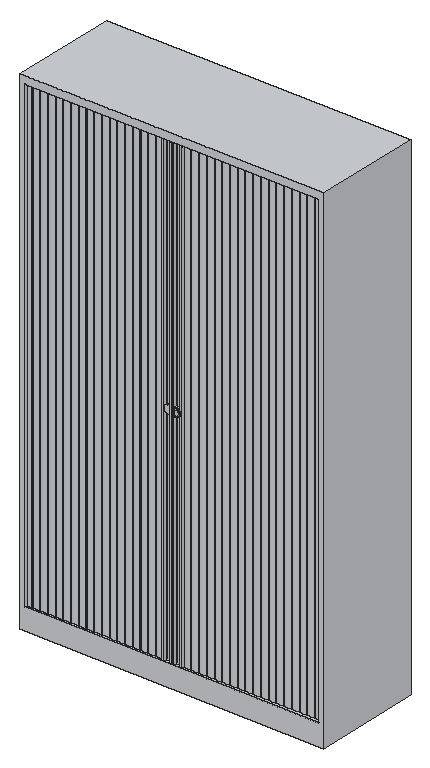
Revit family "EuroTambours_Double", category Furniture, Revit 2016 (continued)
Automatic sketch dimensions
  Extrusion 42 sketch curve to Extrusion 42 sketch curve = 95.662 mm
  Extrusion 43 sketch curve to Extrusion 43 sketch curve = 0.36 mm
  Extrusion 43 sketch curve to Extrusion 43 sketch curve = 1.234 mm
  Extrusion 43 sketch curve to Extrusion 43 sketch curve = 0.937 mm
  Extrusion 43 sketch curve to Extrusion 43 sketch curve = 0.94 mm
  Extrusion 43 sketch curve to Extrusion 43 sketch curve = 0.211 mm
  Extrusion 43 sketch curve to Extrusion 43 sketch curve = 6.209 mm
  Extrusion 43 sketch curve to Extrusion 43 sketch curve = 1.629 mm
  Extrusion 43 sketch curve to Extrusion 43 sketch curve = 12.741 mm
  Extrusion 43 sketch curve to Extrusion 43 sketch curve = 21.361 mm
  Extrusion 43 sketch curve to Extrusion 43 sketch curve = 6.113 mm
  Extrusion 43 sketch curve to Extrusion 43 sketch curve = 5.814 mm
  Extrusion 43 sketch curve to Extrusion 43 sketch curve = 2.107 mm
  Extrusion 43 sketch curve to Extrusion 43 sketch curve = 95.662 mm
  Extrusion 44 sketch curve to Extrusion 44 sketch curve = 0.36 mm
  Extrusion 44 sketch curve to Extrusion 44 sketch curve = 1.234 mm
  Extrusion 44 sketch curve to Extrusion 44 sketch curve = 0.937 mm
  Extrusion 44 sketch curve to Extrusion 44 sketch curve = 0.94 mm
  Extrusion 44 sketch curve to Extrusion 44 sketch curve = 0.211 mm
  Extrusion 44 sketch curve to Extrusion 44 sketch curve = 6.209 mm
  Extrusion 44 sketch curve to Extrusion 44 sketch curve = 1.629 mm
  Extrusion 44 sketch curve to Extrusion 44 sketch curve = 12.741 mm
  Extrusion 44 sketch curve to Extrusion 44 sketch curve = 21.361 mm
  Extrusion 44 sketch curve to Extrusion 44 sketch curve = 6.113 mm
  Extrusion 44 sketch curve to Extrusion 44 sketch curve = 5.814 mm
  Extrusion 44 sketch curve to Extrusion 44 sketch curve = 2.107 mm
  Extrusion 44 sketch curve to Extrusion 44 sketch curve = 95.662 mm
  Extrusion 45 sketch curve to Extrusion 45 sketch curve = 0.36 mm
  Extrusion 45 sketch curve to Extrusion 45 sketch curve = 1.234 mm
  Extrusion 45 sketch curve to Extrusion 45 sketch curve = 0.937 mm
  Extrusion 45 sketch curve to Extrusion 45 sketch curve = 0.94 mm
  Extrusion 45 sketch curve to Extrusion 45 sketch curve = 0.211 mm
  Extrusion 45 sketch curve to Extrusion 45 sketch curve = 6.209 mm
  Extrusion 45 sketch curve to Extrusion 45 sketch curve = 1.629 mm
  Extrusion 45 sketch curve to Extrusion 45 sketch curve = 12.741 mm
  Extrusion 45 sketch curve to Extrusion 45 sketch curve = 21.361 mm
  Extrusion 45 sketch curve to Extrusion 45 sketch curve = 6.113 mm
  Extrusion 45 sketch curve to Extrusion 45 sketch curve = 5.814 mm
  Extrusion 45 sketch curve to Extrusion 45 sketch curve = 2.107 mm
  Extrusion 45 sketch curve to Extrusion 45 sketch curve = 95.662 mm
  Extrusion 46 sketch curve to Extrusion 46 sketch curve = 0.36 mm
  Extrusion 46 sketch curve to Extrusion 46 sketch curve = 1.234 mm
  Extrusion 46 sketch curve to Extrusion 46 sketch curve = 0.937 mm
  Extrusion 46 sketch curve to Extrusion 46 sketch curve = 0.94 mm
  Extrusion 46 sketch curve to Extrusion 46 sketch curve = 0.211 mm
  Extrusion 46 sketch curve to Extrusion 46 sketch curve = 6.209 mm
  Extrusion 46 sketch curve to Extrusion 46 sketch curve = 1.629 mm
  Extrusion 46 sketch curve to Extrusion 46 sketch curve = 12.741 mm
  Extrusion 46 sketch curve to Extrusion 46 sketch curve = 21.361 mm
  Extrusion 46 sketch curve to Extrusion 46 sketch curve = 6.113 mm
  Extrusion 46 sketch curve to Extrusion 46 sketch curve = 5.814 mm
  Extrusion 46 sketch curve to Extrusion 46 sketch curve = 2.107 mm
  Extrusion 46 sketch curve to Extrusion 46 sketch curve = 95.662 mm
  Extrusion 47 sketch curve to Extrusion 47 sketch curve = 0.36 mm
  Extrusion 47 sketch curve to Extrusion 47 sketch curve = 1.234 mm
  Extrusion 47 sketch curve to Extrusion 47 sketch curve = 0.937 mm
  Extrusion 47 sketch curve to Extrusion 47 sketch curve = 0.94 mm
  Extrusion 47 sketch curve to Extrusion 47 sketch curve = 0.211 mm
  Extrusion 47 sketch curve to Extrusion 47 sketch curve = 6.209 mm
  Extrusion 47 sketch curve to Extrusion 47 sketch curve = 1.629 mm
  Extrusion 47 sketch curve to Extrusion 47 sketch curve = 12.741 mm
  Extrusion 47 sketch curve to Extrusion 47 sketch curve = 21.361 mm
  Extrusion 47 sketch curve to Extrusion 47 sketch curve = 6.113 mm
  Extrusion 47 sketch curve to Extrusion 47 sketch curve = 5.814 mm
  Extrusion 47 sketch curve to Extrusion 47 sketch curve = 2.107 mm
  Extrusion 47 sketch curve to Extrusion 47 sketch curve = 95.662 mm
  radius of Extrusion 4 sketch curve = 25 mm  (x4)
  radius of Extrusion 5 sketch curve = 10 mm  (x4)
  radius of Extrusion 17 sketch curve = 12.707 mm
  radius of Extrusion 18 sketch curve = 8.648 mm
Types (15, lengths in mm): name | Width | Tambour array | Start door height | Plinth height | Height | Doors height
  (no name) | 1200 | 18 | -5 | 85 | 1980 | 1841
  ET410/TB | 1000 | 15 | -35 | 55 | 495 | 356
  ET410/06 | 1000 | 15 | -5 | 85 | 695 | 556
  ET410/10 | 1000 | 15 | -5 | 85 | 1030 | 891
  ET410/11 | 1000 | 15 | -5 | 85 | 1181 | 1042
  ET410/13 | 1000 | 15 | -5 | 85 | 1330 | 1191
  ET410/17 | 1000 | 15 | -5 | 85 | 1637 | 1498
  ET410/19 | 1000 | 15 | -5 | 85 | 1980 | 1841
  ET412/TB | 1200 | 18 | -35 | 55 | 495 | 356
  ET412/06 | 1200 | 18 | -5 | 85 | 695 | 556
  ET412/10 | 1200 | 18 | -5 | 85 | 1030 | 891
  ET412/11 | 1200 | 18 | -5 | 85 | 1181 | 1042
  ET412/13 | 1200 | 18 | -5 | 85 | 1330 | 1191
  ET412/17 | 1200 | 18 | -5 | 85 | 1637 | 1498
  ET412/19 | 1200 | 18 | -5 | 85 | 1980 | 1841
